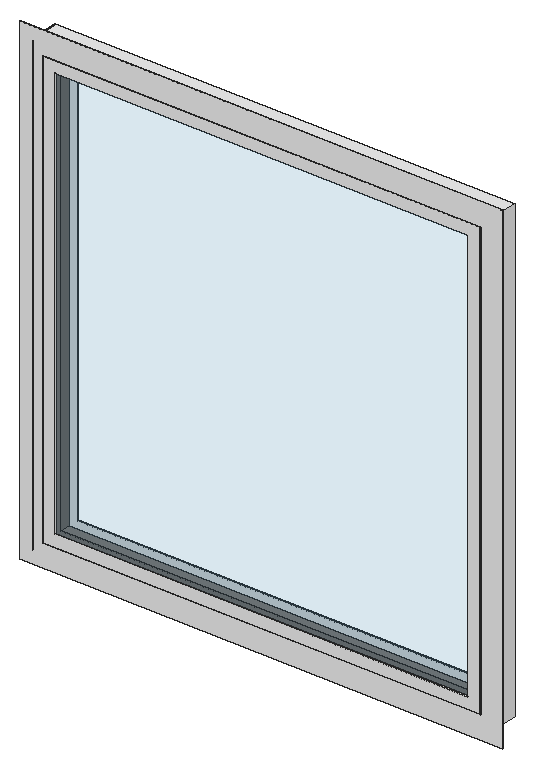
Revit family "Casement_28_E_Side_Hung_Standard", category Windows, host Wall, Revit 2014
Parameters (values of type "Casement_Sash_DG")
  Width Sash [instance] = 30 mm
  Width Sash Inner = 15 mm
  Width Bead = 15 mm
  Top Hung [instance] = yes
  Side Hung Right [instance] = yes
  Side Hung Left [instance] = yes
  Sash Opening Width [instance] = 600 mm
  Sash Opening Height [instance] = 600.312 mm
  Sash Lip = 15 mm
  Glazing Material [instance] = Glass
  DG Start Piece 2 [instance] = DG End Piece 1 + DG Gasket Thickness  # 25 mm
  DG Start Peice 1 [instance] = (Depth Sash - (2 * DG Glazing Thickness) - DG Gasket Thickness) / 2  # 6.6 mm
  Glazing Offset = 5 mm
  DG Glazing Thickness [instance] = 6.4 mm
  DG Gasket Thickness = 12 mm  # constant formula
  DG Gasket Material [instance] = Double Glazing Gasket Material
  DG End Piece 2 [instance] = DG Start Piece 2 + DG Glazing Thickness  # 31.4 mm
  DG End Piece 1 [instance] = DG Start Peice 1 + DG Glazing Thickness  # 13 mm
  Depth Sash [instance] = 38 mm
  Center Vertical Sash [instance] = Sash Opening Height / 2  # 300.156 mm
  Center Horizontal Sash [instance] = Sash Opening Width / 2  # 300 mm
  Bottom Hung [instance] = yes
  Bead Offset = 15 mm
  Aluminium Thickness = 1 mm
  Aluminium Material [instance] = White Powder Coated Aluminium
Reference planes
  plane 1 "Center (Front/Back)": y = 0
  plane 2: z = 0
  plane 3 "Center (Left/Right)": x = 0
Forms (mm)
  Sweep 1, solid, material "White Powder Coated Aluminium" <- "Aluminium Material"
    path origin (16.177, 0, 121.331) x (1, 0, 0) y (0, 0, 1)
      loop
        line (0, 0) -> (600, 0) -> (600, 600.312) -> (0, 600.312) -> (0, 0)
    profile origin (316.177, 0, 121.331) x (0, 0, 1) y (0, -1, 0)
      loop
        line (0, 0) -> (30, 0) -> (30, 1) -> (15, 1) -> (15, 38) -> (-15, 38) -> (-15, 37) -> (0, 37) -> (0, 0)
      loop
        line (14, 1) -> (14, 37) -> (1, 37) -> (1, 1) -> (14, 1)
  Sweep 2, solid, material "White Powder Coated Aluminium" <- "Aluminium Material"
    path origin (0, 0, 0) x (1, 0, 0) y (0, 0, 1)
      loop
        line (31.177, 706.643) -> (31.177, 136.331) -> (601.177, 136.331) -> (601.177, 706.643) -> (31.177, 706.643)
    profile origin (316.177, 0, 706.643) x (0, 0, 1) y (0, -1, 0)
      loop
        line (0, 37) -> (0, 38) -> (-15, 38) -> (-15, 37) -> (0, 37)
  Extrusion 3, solid, material "Glass" <- "Glazing Material"
    sketch origin (0, 0, 0) x (1, 0, 0) y (0, 0, 1)
      loop
        line (36.177, 701.643) -> (36.177, 141.331) -> (596.177, 141.331) -> (596.177, 701.643) -> (36.177, 701.643)
    from 6.6 <- "DG Start Peice 1" to 13 <- "DG End Piece 1"
  Extrusion 4, solid, material "Glass" <- "Glazing Material"
    sketch origin (0, 0, 0) x (1, 0, 0) y (0, 0, 1)
      loop
        line (36.177, 701.643) -> (36.177, 141.331) -> (596.177, 141.331) -> (596.177, 701.643) -> (36.177, 701.643)
    from 31.4 <- "DG End Piece 2" to 25 <- "DG Start Piece 2"
  Sweep 5, solid, material "Double Glazing Gasket Material" <- "DG Gasket Material"
    path origin (0, -13, 0) x (1, 0, 0) y (0, 0, 1)
      loop
        line (36.177, 701.643) -> (36.177, 141.331) -> (596.177, 141.331) -> (596.177, 701.643) -> (36.177, 701.643)
    profile origin (316.177, -13, 701.643) x (0, 0, 1) y (0, -1, 0)
      loop
        line (0, 0) -> (0, 12) -> (-7.96, 12) -> (-7.96, 0) -> (0, 0)
Lines and regions (mm)
  model lines
    curve 1: line (1.177, -38, 736.643) -> (31.177, -38, 706.643)
    curve 2: line (601.177, -38, 706.643) -> (631.177, -38, 736.643)
    curve 3: line (601.177, -38, 136.331) -> (631.177, -38, 106.331)
    curve 4: line (1.177, -38, 106.331) -> (31.177, -38, 136.331)
    curve 5: line (631.177, -37, 736.643) -> (616.177, -37, 721.643)
    curve 6: line (1.177, -37, 736.643) -> (16.177, -37, 721.643)
    curve 7: line (1.177, -37, 106.331) -> (16.177, -37, 121.331)
    curve 8: line (631.177, -37, 106.331) -> (616.177, -37, 121.331)
    curve 9: line (616.177, 0, 121.331) -> (586.177, 0, 151.331)
    curve 10: line (46.177, 0, 151.331) -> (16.177, 0, 121.331)
    curve 11: line (616.177, 0, 721.643) -> (586.177, 0, 691.643)
    curve 12: line (46.177, 0, 691.643) -> (16.177, 0, 721.643)
    curve 13: line (31.177, -38, 691.643) -> (46.177, -38, 691.643)
    curve 14: line (586.177, -38, 691.643) -> (601.177, -38, 691.643)
    curve 15: line (586.177, -38, 151.331) -> (601.177, -38, 151.331)
    curve 16: line (31.177, -38, 151.331) -> (46.177, -38, 151.331)
  model lines, style "GenericModelHiddenLines", visible <- "Top Hung"
    curve 17: line (46.386, -31.4, 690.914) -> (316.177, -31.4, 151.331)
    curve 18: line (316.177, -31.4, 151.331) -> (586.177, -31.4, 691.331)
  model lines, style "GenericModelHiddenLines", visible <- "Bottom Hung"
    curve 19: line (46.177, -31.4, 151.331) -> (316.177, -31.4, 691.331)
    curve 20: line (316.177, -31.4, 691.331) -> (586.177, -31.4, 151.331)
  model lines, style "GenericModelHiddenLines", visible <- "Side Hung Left"
    curve 21: line (46.386, -31.4, 690.914) -> (585.24, -31.4, 421.487)
    curve 22: line (585.24, -31.4, 421.487) -> (46.177, -31.4, 151.331)
  model lines, style "GenericModelHiddenLines", visible <- "Side Hung Right"
    curve 23: line (586.177, -31.4, 691.331) -> (46.177, -31.4, 421.487)
    curve 24: line (46.177, -31.4, 421.487) -> (586.177, -31.4, 151.331)
Dimensions and locks
  "Aluminium Thickness": Sweep 1 sketch curve to Sweep 1 sketch curve  (x4)
  "Depth Sash": Sweep 1 sketch curve to Sweep 1 sketch curve
  "Sash Opening Width": Sweep 1 to Sweep 1
  "Sash Opening Height": Sweep 1 to Sweep 1
  "Width Sash": Sweep 1 sketch curve to Sweep 1 sketch curve  (x2)
  "Width Sash Inner": Sweep 1 sketch curve to Sweep 1 sketch curve
  "Sash Lip": Sweep 1 sketch curve to Sweep 1 sketch curve
  "Aluminium Thickness": Sweep 1 to Sweep 2 sketch curve
  "Glazing Offset": Sweep 2 to Extrusion 3 sketch curve  (x3)
  "Glazing Offset": Extrusion 3 sketch curve to Sweep 2
  Sweep 1 to Sweep 1 = 1 mm
  "Aluminium Thickness": Sweep 2 sketch curve to Sweep 2 sketch curve
  "Width Bead": Sweep 2 sketch curve to Sweep 2 sketch curve
  locked: Sweep 5 sketch curve to Sweep 5 sketch curve at 7.96
  "Center Horizontal Sash": Sweep 1 to curve 18
  "Center Horizontal Sash": Sweep 1 to curve 20
  "Center Vertical Sash": Sweep 1 to curve 22
  "Center Vertical Sash": Sweep 1 to curve 24
  aligned and locked: level to plane 2
  aligned and locked: Sweep 1 sketch curve to Sweep 1 sketch curve  (x2)
  aligned and locked: Sweep 2 sketch curve to Sweep 1  (x5)
  aligned and locked: Extrusion 4 sketch curve to Extrusion 3  (x4)
  aligned and locked: Sweep 5 sketch curve to Extrusion 3  (x5)
  aligned and locked: Extrusion 3 to Sweep 5 sketch curve
Automatic sketch dimensions
  plane 3 "Center (Left/Right)" to Sweep 1 sketch curve = 16.177 mm
  level to Sweep 1 sketch curve = 121.331 mm
  plane 3 "Center (Left/Right)" to Sweep 1 sketch curve = 616.177 mm
  level to Sweep 1 sketch curve = 721.643 mm
  profile plane to Sweep 5 sketch curve = 12 mm
  curve 7 to Sweep 1 = 0 mm  (x4)
  curve 6 to Sweep 1 = 0 mm  (x3)
  Sweep 1 to curve 6 = 0 mm
  curve 5 to Sweep 1 = 0 mm  (x3)
  curve 8 to Sweep 1 = 0 mm  (x4)
  Sweep 1 to curve 5 = 0 mm
  curve 16 to Sweep 2 = 0 mm  (x3)
  curve 13 to Sweep 2 = 0 mm  (x3)
  curve 15 to Sweep 2 = 0 mm
  Sweep 2 to curve 15 = 0 mm  (x2)
  curve 14 to Sweep 2 = 0 mm  (x2)
  Sweep 2 to curve 14 = 0 mm
  curve 1 to Sweep 1 = 0 mm  (x4)
  curve 4 to Sweep 1 = 0 mm  (x3)
  Sweep 1 to curve 4 = 0 mm
  curve 3 to Sweep 1 = 0 mm  (x3)
  curve 2 to Sweep 1 = 0 mm  (x4)
  Sweep 1 to curve 3 = 0 mm
  curve 10 to Sweep 1 = 0 mm  (x4)
  curve 12 to Sweep 1 = 0 mm  (x3)
  Sweep 1 to curve 12 = 0 mm
  curve 9 to Sweep 1 = 0 mm  (x4)
  curve 11 to Sweep 1 = 0 mm  (x3)
  Sweep 1 to curve 11 = 0 mm
  Sweep 1 sketch curve to plane 1 "Center (Front/Back)" = 0 mm
  profile plane to Sweep 1 sketch curve = 0 mm
  curve 21 to Extrusion 4 = 10.208 mm
  curve 19 to Extrusion 4 = 10 mm
  curve 23 to Extrusion 4 = 10 mm  (x2)
  curve 22 to Extrusion 4 = 10.937 mm
  curve 20 to Extrusion 4 = 10 mm
  curve 24 to Extrusion 4 = 10 mm
  curve 22 to Extrusion 4 = 10 mm
  curve 18 to Extrusion 4 = 10 mm
  curve 21 to Extrusion 4 = 10.729 mm
  curve 19 to Extrusion 4 = 10.312 mm
  curve 18 to Extrusion 4 = 10.312 mm
Types in the file's own list only (17): name | Windload Design | Width Sash Opening | Width Sash | Width Profile | Width Fixed Pane RHS | Width Fixed Pane Bottom LHS | Width Panel 1 | Width | URL | Offset Window Exterior | Max Pane Area | Limit Fixed Pane Width Min | Limit Fixed Pane Width Max | Limit Fixed Pane Height Min | Limit Fixed Pane Height Max | Intruderprufe U Value | Intruderprufe SHGC Value | Intruderprufe LowE U Value | Intruderprufe LowE SHGC Value | Height | Energy Advantage U Value | Energy Advantage SHGC Value | Custom Window Width | Custom Window Height | Window Exterior Offset | Custom Windload | Custom Sash Width | Custom Sash Height | Single Glazing | Sash Spacing Inner | Sash Overlap | Sash Center Offset | SG Gasket Thickness | Offset Sash Left | Offset Sash Top | Offset Panel 4 Left | Offset Panel 3 Bead Top | Offset Mullion Left | Offset Transom Top | Offset Bead SG Center Reversed | Model | Manufacturer | Limit Window Width Min | Limit Window Width Max | Limit Window Height Min | Limit Window Height Max | Limit Sash Width Min | Limit Sash Width Max | Limit Sash Height Min | Limit Sash Height Max | Length Transom | Length Mullion | Height Sash Opening | Height Sash | Height Fixed Pane RHS | Height Fixed Pane Bottom LHS | Height Panel 1 | Description | Depth Mullion | Frame Center Offset | Depth Bead | Default Sill Height | Wall Closure | Mullion Depth Windload Based | Clearvue U Value | Clearvue SHGC Value | Casement Dimension | Bead SG Gap | Area Pane Right | Area Pane Left Top | Area Pane Left Bottom
  28-0915S-1000Pa | 1000 mm | 554 mm | 524 mm | 30 mm | 260 mm | 540 mm | 540 mm | 890 mm | "http://www.crealco.co.za/crealco-products.php" | 14 mm | 0.52 m² | 200 mm | 1500 mm | 200 mm | 1800 mm | 6.2 | 0.571 | 4.77 | 0.504 | 1490 mm | 4.86 | 0.541 | 890 mm | 1490 mm | 0 mm | 1000 mm | 554 mm | 1154 mm | Yes | 8 mm | 7 mm | 11 mm | 6 mm | 23 mm | 23 mm | 600 mm | 1200 mm | 570 mm | 1170 mm | 14 mm | "Casement 28" | "Crealco" | 830 mm | 2130 mm | 1430 mm | 1860 mm | 300 mm | 600 mm | 300 mm | 1200 mm | 540 mm | 1490 mm | 1154 mm | 1124 mm | 1430 mm | 260 mm | 1139 mm | "Window 28mm, Type E side hung" | 54 mm | 14 mm | 14 mm | 800 mm | By host | 54 mm | 6.27 | 0.6 | 28 mm | 13 mm | 0.36 m² | 0.52 m² | 0.13 m²
  28-1215S-1000Pa | 1000 mm | 554 mm | 524 mm | 30 mm | 560 mm | 540 mm | 540 mm | 1190 mm | "http://www.crealco.co.za/crealco-products.php" | 14 mm | 0.78 m² | 200 mm | 1500 mm | 200 mm | 1800 mm | 6.1 | 0.617 | 4.53 | 0.545 | 1490 mm | 4.63 | 0.582 | 1190 mm | 1490 mm | 0 mm | 1000 mm | 554 mm | 1154 mm | Yes | 8 mm | 7 mm | 11 mm | 6 mm | 23 mm | 23 mm | 600 mm | 1200 mm | 570 mm | 1170 mm | 14 mm | "Casement 28" | "Crealco" | 830 mm | 2130 mm | 1430 mm | 1860 mm | 300 mm | 600 mm | 300 mm | 1200 mm | 540 mm | 1490 mm | 1154 mm | 1124 mm | 1430 mm | 260 mm | 1139 mm | "Window 28mm, Type E side hung" | 54 mm | 14 mm | 14 mm | 800 mm | By host | 54 mm | 6.18 | 0.65 | 28 mm | 13 mm | 0.78 m² | 0.52 m² | 0.13 m²
  28-1215S-2000Pa | 2000 mm | 554 mm | 524 mm | 30 mm | 560 mm | 540 mm | 540 mm | 1190 mm | "http://www.crealco.co.za/crealco-products.php" | 14 mm | 0.78 m² | 200 mm | 1500 mm | 200 mm | 1800 mm | 6.79 | 0.672 | 5.11 | 0.606 | 1490 mm | 5.23 | 0.647 | 1190 mm | 1490 mm | 0 mm | 2000 mm | 554 mm | 1154 mm | Yes | 8 mm | 7 mm | 11 mm | 6 mm | 23 mm | 23 mm | 600 mm | 1200 mm | 570 mm | 1170 mm | 14 mm | "Casement 28" | "Crealco" | 830 mm | 2130 mm | 1430 mm | 1860 mm | 300 mm | 600 mm | 300 mm | 1200 mm | 540 mm | 1490 mm | 1154 mm | 1124 mm | 1430 mm | 260 mm | 1139 mm | "Window 28mm, Type E side hung" | 70 mm | 14 mm | 14 mm | 800 mm | By host | 70 mm | 6.93 | 0.723 | 28 mm | 13 mm | 0.78 m² | 0.52 m² | 0.13 m²
  28-1515S-1000Pa | 1000 mm | 554 mm | 524 mm | 30 mm | 860 mm | 540 mm | 540 mm | 1490 mm | "http://www.crealco.co.za/crealco-products.php" | 14 mm | 1.21 m² | 200 mm | 1500 mm | 200 mm | 1800 mm | 6.04 | 0.644 | 4.38 | 0.569 | 1490 mm | 4.49 | 0.606 | 1490 mm | 1490 mm | 0 mm | 1000 mm | 554 mm | 1154 mm | Yes | 8 mm | 7 mm | 11 mm | 6 mm | 23 mm | 23 mm | 600 mm | 1200 mm | 570 mm | 1170 mm | 14 mm | "Casement 28" | "Crealco" | 830 mm | 2130 mm | 1430 mm | 1860 mm | 300 mm | 600 mm | 300 mm | 1200 mm | 540 mm | 1490 mm | 1154 mm | 1124 mm | 1430 mm | 260 mm | 1139 mm | "Window 28mm, Type E side hung" | 54 mm | 14 mm | 14 mm | 800 mm | By host | 54 mm | 6.13 | 0.68 | 28 mm | 13 mm | 1.21 m² | 0.52 m² | 0.13 m²
  28-1515S-1500Pa | 1500 mm | 554 mm | 524 mm | 30 mm | 860 mm | 540 mm | 540 mm | 1490 mm | "http://www.crealco.co.za/crealco-products.php" | 14 mm | 1.21 m² | 200 mm | 1500 mm | 200 mm | 1800 mm | 6.88 | 0.721 | 5.05 | 0.647 | 1490 mm | 5.18 | 0.69 | 1490 mm | 1490 mm | 0 mm | 1500 mm | 554 mm | 1154 mm | Yes | 8 mm | 7 mm | 11 mm | 6 mm | 23 mm | 23 mm | 600 mm | 1200 mm | 570 mm | 1170 mm | 14 mm | "Casement 28" | "Crealco" | 830 mm | 2130 mm | 1430 mm | 1860 mm | 300 mm | 600 mm | 300 mm | 1200 mm | 540 mm | 1490 mm | 1154 mm | 1124 mm | 1430 mm | 260 mm | 1139 mm | "Window 28mm, Type E side hung" | 70 mm | 14 mm | 14 mm | 800 mm | By host | 70 mm | 7.03 | 0.774 | 28 mm | 13 mm | 1.21 m² | 0.52 m² | 0.13 m²
  28-0918S-1000Pa | 1000 mm | 554 mm | 524 mm | 30 mm | 260 mm | 540 mm | 540 mm | 890 mm | "http://www.crealco.co.za/crealco-products.php" | 14 mm | 0.52 m² | 200 mm | 1500 mm | 200 mm | 1800 mm | 6.18 | 0.584 | 4.7 | 0.518 | 1790 mm | 4.8 | 0.55 | 890 mm | 1790 mm | 0 mm | 1000 mm | 554 mm | 1154 mm | Yes | 8 mm | 7 mm | 11 mm | 6 mm | 23 mm | 23 mm | 600 mm | 1200 mm | 570 mm | 1170 mm | 14 mm | "Casement 28" | "Crealco" | 830 mm | 2130 mm | 1430 mm | 1860 mm | 300 mm | 600 mm | 300 mm | 1200 mm | 540 mm | 1790 mm | 1154 mm | 1124 mm | 1730 mm | 560 mm | 1139 mm | "Window 28mm, Type E side hung" | 54 mm | 14 mm | 14 mm | 800 mm | By host | 54 mm | 6.25 | 0.616 | 28 mm | 13 mm | 0.43 m² | 0.52 m² | 0.29 m²
  28-0918S-1500Pa | 1500 mm | 554 mm | 524 mm | 30 mm | 260 mm | 540 mm | 540 mm | 890 mm | "http://www.crealco.co.za/crealco-products.php" | 14 mm | 0.52 m² | 200 mm | 1500 mm | 200 mm | 1800 mm | 6.69 | 0.639 | 5.39 | 0.581 | 1790 mm | 5.49 | 0.624 | 890 mm | 1790 mm | 0 mm | 1500 mm | 554 mm | 1154 mm | Yes | 8 mm | 7 mm | 11 mm | 6 mm | 23 mm | 23 mm | 600 mm | 1200 mm | 570 mm | 1170 mm | 14 mm | "Casement 28" | "Crealco" | 830 mm | 2130 mm | 1430 mm | 1860 mm | 300 mm | 600 mm | 300 mm | 1200 mm | 540 mm | 1790 mm | 1154 mm | 1124 mm | 1730 mm | 560 mm | 1139 mm | "Window 28mm, Type E side hung" | 70 mm | 14 mm | 14 mm | 800 mm | By host | 70 mm | 7.1 | 0.692 | 28 mm | 13 mm | 0.43 m² | 0.52 m² | 0.29 m²
  28-1218S-1000Pa | 1000 mm | 554 mm | 524 mm | 30 mm | 560 mm | 540 mm | 540 mm | 1190 mm | "http://www.crealco.co.za/crealco-products.php" | 14 mm | 0.95 m² | 200 mm | 1500 mm | 200 mm | 1800 mm | 6.08 | 0.614 | 4.55 | 0.557 | 1790 mm | 4.66 | 0.596 | 1190 mm | 1790 mm | 0 mm | 1000 mm | 554 mm | 1154 mm | Yes | 8 mm | 7 mm | 11 mm | 6 mm | 23 mm | 23 mm | 600 mm | 1200 mm | 570 mm | 1170 mm | 14 mm | "Casement 28" | "Crealco" | 830 mm | 2130 mm | 1430 mm | 1860 mm | 300 mm | 600 mm | 300 mm | 1200 mm | 540 mm | 1790 mm | 1154 mm | 1124 mm | 1730 mm | 560 mm | 1139 mm | "Window 28mm, Type E side hung" | 70 mm | 14 mm | 14 mm | 800 mm | By host | 70 mm | 6.23 | 0.666 | 28 mm | 13 mm | 0.95 m² | 0.52 m² | 0.29 m²
  28-1518S-1000Pa | 1000 mm | 554 mm | 524 mm | 30 mm | 860 mm | 540 mm | 540 mm | 1490 mm | "http://www.crealco.co.za/crealco-products.php" | 14 mm | 1.46 m² | 200 mm | 1500 mm | 200 mm | 1800 mm | 6.02 | 0.644 | 4.4 | 0.58 | 1790 mm | 7.9 | 0 | 1490 mm | 1790 mm | 0 mm | 1000 mm | 554 mm | 1154 mm | Yes | 8 mm | 7 mm | 11 mm | 6 mm | 23 mm | 23 mm | 600 mm | 1200 mm | 570 mm | 1170 mm | 14 mm | "Casement 28" | "Crealco" | 830 mm | 2130 mm | 1430 mm | 1860 mm | 300 mm | 600 mm | 300 mm | 1200 mm | 540 mm | 1790 mm | 1154 mm | 1124 mm | 1730 mm | 560 mm | 1139 mm | "Window 28mm, Type E side hung" | 70 mm | 14 mm | 14 mm | 800 mm | By host | 70 mm | 7.9 | 0 | 28 mm | 13 mm | 1.46 m² | 0.52 m² | 0.29 m²
  28-1518S-1500Pa | 1500 mm | 554 mm | 524 mm | 30 mm | 860 mm | 540 mm | 540 mm | 1490 mm | "http://www.crealco.co.za/crealco-products.php" | 14 mm | 1.46 m² | 200 mm | 1500 mm | 200 mm | 1800 mm | 6.02 | 0.644 | 4.4 | 0.58 | 1790 mm | 7.9 | 0 | 1490 mm | 1790 mm | 0 mm | 1500 mm | 554 mm | 1154 mm | Yes | 8 mm | 7 mm | 11 mm | 6 mm | 23 mm | 23 mm | 600 mm | 1200 mm | 570 mm | 1170 mm | 14 mm | "Casement 28" | "Crealco" | 830 mm | 2130 mm | 1430 mm | 1860 mm | 300 mm | 600 mm | 300 mm | 1200 mm | 540 mm | 1790 mm | 1154 mm | 1124 mm | 1730 mm | 560 mm | 1139 mm | "Window 28mm, Type E side hung" | 70 mm | 14 mm | 14 mm | 800 mm | By host | 70 mm | 7.9 | 0 | 28 mm | 13 mm | 1.46 m² | 0.52 m² | 0.29 m²
  28-0915S-1500Pa | 1500 mm | 554 mm | 524 mm | 30 mm | 260 mm | 540 mm | 540 mm | 890 mm | "http://www.crealco.co.za/crealco-products.php" | 14 mm | 0.52 m² | 200 mm | 1500 mm | 200 mm | 1800 mm | 6.2 | 0.571 | 4.77 | 0.504 | 1490 mm | 4.86 | 0.541 | 890 mm | 1490 mm | 0 mm | 1500 mm | 554 mm | 1154 mm | Yes | 8 mm | 7 mm | 11 mm | 6 mm | 23 mm | 23 mm | 600 mm | 1200 mm | 570 mm | 1170 mm | 14 mm | "Casement 28" | "Crealco" | 830 mm | 2130 mm | 1430 mm | 1860 mm | 300 mm | 600 mm | 300 mm | 1200 mm | 540 mm | 1490 mm | 1154 mm | 1124 mm | 1430 mm | 260 mm | 1139 mm | "Window 28mm, Type E side hung" | 54 mm | 14 mm | 14 mm | 800 mm | By host | 54 mm | 6.27 | 0.6 | 28 mm | 13 mm | 0.36 m² | 0.52 m² | 0.13 m²
  28-0915S-2000Pa | 2000 mm | 554 mm | 524 mm | 30 mm | 260 mm | 540 mm | 540 mm | 890 mm | "http://www.crealco.co.za/crealco-products.php" | 14 mm | 0.52 m² | 200 mm | 1500 mm | 200 mm | 1800 mm | 6.2 | 0.571 | 4.77 | 0.504 | 1490 mm | 4.86 | 0.541 | 890 mm | 1490 mm | 0 mm | 2000 mm | 554 mm | 1154 mm | Yes | 8 mm | 7 mm | 11 mm | 6 mm | 23 mm | 23 mm | 600 mm | 1200 mm | 570 mm | 1170 mm | 14 mm | "Casement 28" | "Crealco" | 830 mm | 2130 mm | 1430 mm | 1860 mm | 300 mm | 600 mm | 300 mm | 1200 mm | 540 mm | 1490 mm | 1154 mm | 1124 mm | 1430 mm | 260 mm | 1139 mm | "Window 28mm, Type E side hung" | 54 mm | 14 mm | 14 mm | 800 mm | By host | 54 mm | 6.27 | 0.6 | 28 mm | 13 mm | 0.36 m² | 0.52 m² | 0.13 m²
  28-0918S-2000Pa | 2000 mm | 554 mm | 524 mm | 30 mm | 260 mm | 540 mm | 540 mm | 890 mm | "http://www.crealco.co.za/crealco-products.php" | 14 mm | 0.52 m² | 200 mm | 1500 mm | 200 mm | 1800 mm | 6.69 | 0.639 | 5.39 | 0.581 | 1790 mm | 5.49 | 0.624 | 890 mm | 1790 mm | 0 mm | 2000 mm | 554 mm | 1154 mm | Yes | 8 mm | 7 mm | 11 mm | 6 mm | 23 mm | 23 mm | 600 mm | 1200 mm | 570 mm | 1170 mm | 14 mm | "Casement 28" | "Crealco" | 830 mm | 2130 mm | 1430 mm | 1860 mm | 300 mm | 600 mm | 300 mm | 1200 mm | 540 mm | 1790 mm | 1154 mm | 1124 mm | 1730 mm | 560 mm | 1139 mm | "Window 28mm, Type E side hung" | 70 mm | 14 mm | 14 mm | 800 mm | By host | 70 mm | 7.1 | 0.692 | 28 mm | 13 mm | 0.43 m² | 0.52 m² | 0.29 m²
  28-1215S-1500Pa | 1500 mm | 554 mm | 524 mm | 30 mm | 560 mm | 540 mm | 540 mm | 1190 mm | "http://www.crealco.co.za/crealco-products.php" | 14 mm | 0.78 m² | 200 mm | 1500 mm | 200 mm | 1800 mm | 6.1 | 0.617 | 4.53 | 0.545 | 1490 mm | 4.63 | 0.582 | 1190 mm | 1490 mm | 0 mm | 1500 mm | 554 mm | 1154 mm | Yes | 8 mm | 7 mm | 11 mm | 6 mm | 23 mm | 23 mm | 600 mm | 1200 mm | 570 mm | 1170 mm | 14 mm | "Casement 28" | "Crealco" | 830 mm | 2130 mm | 1430 mm | 1860 mm | 300 mm | 600 mm | 300 mm | 1200 mm | 540 mm | 1490 mm | 1154 mm | 1124 mm | 1430 mm | 260 mm | 1139 mm | "Window 28mm, Type E side hung" | 54 mm | 14 mm | 14 mm | 800 mm | By host | 54 mm | 6.18 | 0.65 | 28 mm | 13 mm | 0.78 m² | 0.52 m² | 0.13 m²
  28-1218S-1500Pa | 1500 mm | 554 mm | 524 mm | 30 mm | 560 mm | 540 mm | 540 mm | 1190 mm | "http://www.crealco.co.za/crealco-products.php" | 14 mm | 0.95 m² | 200 mm | 1500 mm | 200 mm | 1800 mm | 6.08 | 0.614 | 4.55 | 0.557 | 1790 mm | 4.66 | 0.596 | 1190 mm | 1790 mm | 0 mm | 1500 mm | 554 mm | 1154 mm | Yes | 8 mm | 7 mm | 11 mm | 6 mm | 23 mm | 23 mm | 600 mm | 1200 mm | 570 mm | 1170 mm | 14 mm | "Casement 28" | "Crealco" | 830 mm | 2130 mm | 1430 mm | 1860 mm | 300 mm | 600 mm | 300 mm | 1200 mm | 540 mm | 1790 mm | 1154 mm | 1124 mm | 1730 mm | 560 mm | 1139 mm | "Window 28mm, Type E side hung" | 70 mm | 14 mm | 14 mm | 800 mm | By host | 70 mm | 6.23 | 0.666 | 28 mm | 13 mm | 0.95 m² | 0.52 m² | 0.29 m²
  28-1218S-2000Pa | 2000 mm | 554 mm | 524 mm | 30 mm | 560 mm | 540 mm | 540 mm | 1190 mm | "http://www.crealco.co.za/crealco-products.php" | 14 mm | 0.95 m² | 200 mm | 1500 mm | 200 mm | 1800 mm | 6.08 | 0.614 | 4.55 | 0.557 | 1790 mm | 4.66 | 0.596 | 1190 mm | 1790 mm | 0 mm | 2000 mm | 554 mm | 1154 mm | Yes | 8 mm | 7 mm | 11 mm | 6 mm | 23 mm | 23 mm | 600 mm | 1200 mm | 570 mm | 1170 mm | 14 mm | "Casement 28" | "Crealco" | 830 mm | 2130 mm | 1430 mm | 1860 mm | 300 mm | 600 mm | 300 mm | 1200 mm | 540 mm | 1790 mm | 1154 mm | 1124 mm | 1730 mm | 560 mm | 1139 mm | "Window 28mm, Type E side hung" | 70 mm | 14 mm | 14 mm | 800 mm | By host | 70 mm | 6.23 | 0.666 | 28 mm | 13 mm | 0.95 m² | 0.52 m² | 0.29 m²
  28-1515S-2000Pa | 2000 mm | 554 mm | 524 mm | 30 mm | 860 mm | 540 mm | 540 mm | 1490 mm | "http://www.crealco.co.za/crealco-products.php" | 14 mm | 1.21 m² | 200 mm | 1500 mm | 200 mm | 1800 mm | 6.88 | 0.721 | 5.05 | 0.647 | 1490 mm | 5.18 | 0.69 | 1490 mm | 1490 mm | 0 mm | 2000 mm | 554 mm | 1154 mm | Yes | 8 mm | 7 mm | 11 mm | 6 mm | 23 mm | 23 mm | 600 mm | 1200 mm | 570 mm | 1170 mm | 14 mm | "Casement 28" | "Crealco" | 830 mm | 2130 mm | 1430 mm | 1860 mm | 300 mm | 600 mm | 300 mm | 1200 mm | 540 mm | 1490 mm | 1154 mm | 1124 mm | 1430 mm | 260 mm | 1139 mm | "Window 28mm, Type E side hung" | 70 mm | 14 mm | 14 mm | 800 mm | By host | 70 mm | 7.03 | 0.774 | 28 mm | 13 mm | 1.21 m² | 0.52 m² | 0.13 m²
